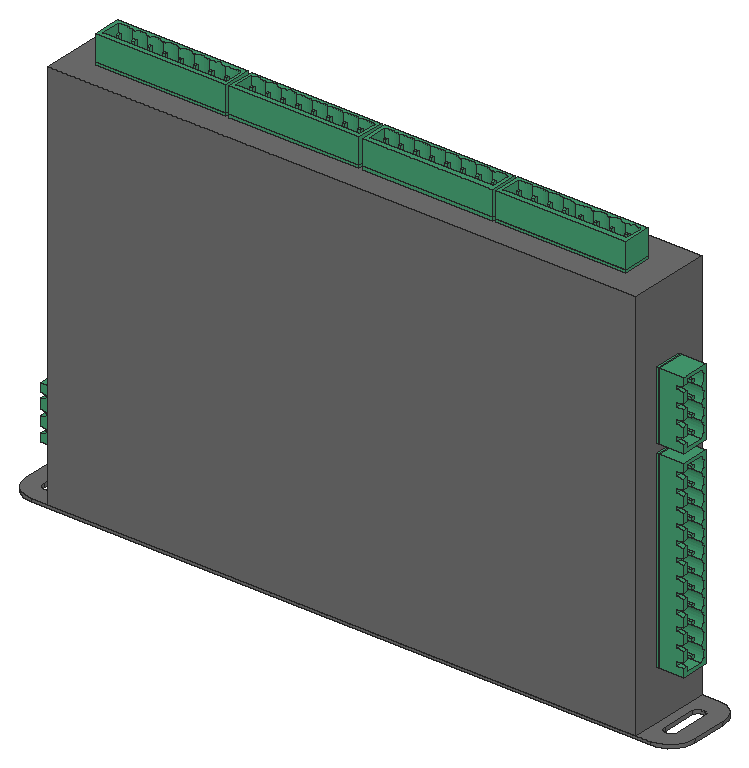
Revit family "Б411_RV17_LOD400 (05.11.23)", category Электрооборудование, Revit 2017 (continued)
Automatic sketch dimensions
  plane 1 "По центру (Вперед/Назад)" to Blend 122 sketch curve = 3.758 mm
  level to Blend 122 sketch curve = 51.213 mm
  Blend 122 sketch curve to Blend 122 sketch curve = 1.047 mm
  plane 1 "По центру (Вперед/Назад)" to Blend 123 sketch curve = 0.46 mm  (x2)
  level to Blend 123 sketch curve = 50.763 mm  (x2)
  Blend 124 sketch curve to plane 1 "По центру (Вперед/Назад)" = 0.001 mm
  level to Blend 124 sketch curve = 51.215 mm
  Blend 124 sketch curve to Blend 124 sketch curve = 0.926 mm
  Blend 124 sketch curve to Blend 124 sketch curve = 0.922 mm
  plane 1 "По центру (Вперед/Назад)" to Blend 124 sketch curve = 0.051 mm
  level to Blend 124 sketch curve = 51.145 mm
  Blend 124 sketch curve to Blend 124 sketch curve = 0.802 mm
  Blend 124 sketch curve to Blend 124 sketch curve = 0.786 mm
  plane 1 "По центру (Вперед/Назад)" to Blend 125 sketch curve = 5.348 mm
  level to Blend 125 sketch curve = 46.72 mm
  Blend 125 sketch curve to Blend 125 sketch curve = 1.996 mm
  Blend 125 sketch curve to Blend 125 sketch curve = 1.589 mm  (x2)
  plane 1 "По центру (Вперед/Назад)" to Blend 125 sketch curve = 3.758 mm
  level to Blend 125 sketch curve = 46.213 mm
  Blend 125 sketch curve to Blend 125 sketch curve = 1.047 mm
  plane 1 "По центру (Вперед/Назад)" to Blend 126 sketch curve = 0.46 mm  (x2)
  level to Blend 126 sketch curve = 45.763 mm  (x2)
  Blend 127 sketch curve to plane 1 "По центру (Вперед/Назад)" = 0.001 mm
  level to Blend 127 sketch curve = 46.215 mm
  Blend 127 sketch curve to Blend 127 sketch curve = 0.926 mm
  Blend 127 sketch curve to Blend 127 sketch curve = 0.922 mm
  plane 1 "По центру (Вперед/Назад)" to Blend 127 sketch curve = 0.051 mm
  level to Blend 127 sketch curve = 46.145 mm
  Blend 127 sketch curve to Blend 127 sketch curve = 0.802 mm
  Blend 127 sketch curve to Blend 127 sketch curve = 0.786 mm
  plane 1 "По центру (Вперед/Назад)" to Blend 128 sketch curve = 5.348 mm
  level to Blend 128 sketch curve = 41.72 mm
  Blend 128 sketch curve to Blend 128 sketch curve = 1.996 mm
  Blend 128 sketch curve to Blend 128 sketch curve = 1.589 mm  (x2)
  plane 1 "По центру (Вперед/Назад)" to Blend 128 sketch curve = 3.758 mm
  level to Blend 128 sketch curve = 41.213 mm
  Blend 128 sketch curve to Blend 128 sketch curve = 1.047 mm
  plane 1 "По центру (Вперед/Назад)" to Blend 129 sketch curve = 0.46 mm  (x2)
  level to Blend 129 sketch curve = 40.763 mm  (x2)
  Blend 130 sketch curve to plane 1 "По центру (Вперед/Назад)" = 0.001 mm
  level to Blend 130 sketch curve = 41.215 mm
  Blend 130 sketch curve to Blend 130 sketch curve = 0.926 mm
  Blend 130 sketch curve to Blend 130 sketch curve = 0.922 mm
  plane 1 "По центру (Вперед/Назад)" to Blend 130 sketch curve = 0.051 mm
  level to Blend 130 sketch curve = 41.145 mm
  Blend 130 sketch curve to Blend 130 sketch curve = 0.802 mm
  Blend 130 sketch curve to Blend 130 sketch curve = 0.786 mm
  level to Blend 131 sketch curve = 36.72 mm
  Blend 131 sketch curve to Blend 131 sketch curve = 1.996 mm
  plane 1 "По центру (Вперед/Назад)" to Blend 131 sketch curve = 5.348 mm
  Blend 131 sketch curve to Blend 131 sketch curve = 1.589 mm  (x2)
  plane 1 "По центру (Вперед/Назад)" to Blend 131 sketch curve = 3.758 mm
  level to Blend 131 sketch curve = 36.213 mm
  Blend 131 sketch curve to Blend 131 sketch curve = 1.047 mm
  plane 1 "По центру (Вперед/Назад)" to Blend 132 sketch curve = 0.46 mm  (x2)
  level to Blend 132 sketch curve = 35.763 mm  (x2)
  Blend 133 sketch curve to plane 1 "По центру (Вперед/Назад)" = 0.001 mm
  level to Blend 133 sketch curve = 36.215 mm
  Blend 133 sketch curve to Blend 133 sketch curve = 0.926 mm
  Blend 133 sketch curve to Blend 133 sketch curve = 0.922 mm
  plane 1 "По центру (Вперед/Назад)" to Blend 133 sketch curve = 0.051 mm
  level to Blend 133 sketch curve = 36.145 mm
  Blend 133 sketch curve to Blend 133 sketch curve = 0.802 mm
  Blend 133 sketch curve to Blend 133 sketch curve = 0.786 mm
  level to Blend 134 sketch curve = 31.72 mm
  Blend 134 sketch curve to Blend 134 sketch curve = 1.996 mm
  plane 1 "По центру (Вперед/Назад)" to Blend 134 sketch curve = 5.348 mm  (x2)
  Blend 134 sketch curve to Blend 134 sketch curve = 1.589 mm  (x2)
  level to Blend 134 sketch curve = 31.213 mm
  Blend 134 sketch curve to Blend 134 sketch curve = 1.047 mm
  plane 1 "По центру (Вперед/Назад)" to Blend 135 sketch curve = 0.46 mm  (x2)
  level to Blend 135 sketch curve = 30.763 mm  (x2)
  Blend 136 sketch curve to plane 1 "По центру (Вперед/Назад)" = 0.001 mm
  level to Blend 136 sketch curve = 31.215 mm
  Blend 136 sketch curve to Blend 136 sketch curve = 0.926 mm
  Blend 136 sketch curve to Blend 136 sketch curve = 0.922 mm
  plane 1 "По центру (Вперед/Назад)" to Blend 136 sketch curve = 0.051 mm
  level to Blend 136 sketch curve = 31.145 mm
  Blend 136 sketch curve to Blend 136 sketch curve = 0.802 mm
  Blend 136 sketch curve to Blend 136 sketch curve = 0.786 mm
  level to Blend 137 sketch curve = 26.72 mm
  Blend 137 sketch curve to Blend 137 sketch curve = 1.996 mm
  plane 1 "По центру (Вперед/Назад)" to Blend 137 sketch curve = 5.348 mm  (x2)
  Blend 137 sketch curve to Blend 137 sketch curve = 1.589 mm  (x2)
  level to Blend 137 sketch curve = 26.213 mm
  Blend 137 sketch curve to Blend 137 sketch curve = 1.047 mm
  level to Blend 138 sketch curve = 25.763 mm  (x2)
  plane 1 "По центру (Вперед/Назад)" to Blend 138 sketch curve = 0.46 mm  (x2)
  level to Blend 139 sketch curve = 26.215 mm
  Blend 139 sketch curve to Blend 139 sketch curve = 0.926 mm
  plane 1 "По центру (Вперед/Назад)" to Blend 139 sketch curve = 0.922 mm
  Blend 139 sketch curve to Blend 139 sketch curve = 0.922 mm
  level to Blend 139 sketch curve = 26.145 mm
  Blend 139 sketch curve to Blend 139 sketch curve = 0.802 mm
  plane 1 "По центру (Вперед/Назад)" to Blend 139 sketch curve = 0.837 mm
  Blend 139 sketch curve to Blend 139 sketch curve = 0.786 mm
  level to Blend 140 sketch curve = 21.72 mm
  Blend 140 sketch curve to Blend 140 sketch curve = 1.996 mm
  plane 1 "По центру (Вперед/Назад)" to Blend 140 sketch curve = 5.348 mm  (x2)
  Blend 140 sketch curve to Blend 140 sketch curve = 1.589 mm  (x2)
  level to Blend 140 sketch curve = 21.213 mm
  Blend 140 sketch curve to Blend 140 sketch curve = 1.047 mm
  level to Blend 141 sketch curve = 20.763 mm  (x2)
  plane 1 "По центру (Вперед/Назад)" to Blend 141 sketch curve = 0.46 mm  (x2)
  level to Blend 142 sketch curve = 21.215 mm
  Blend 142 sketch curve to Blend 142 sketch curve = 0.926 mm
  plane 1 "По центру (Вперед/Назад)" to Blend 142 sketch curve = 0.922 mm
  Blend 142 sketch curve to Blend 142 sketch curve = 0.922 mm
  level to Blend 142 sketch curve = 21.145 mm
  Blend 142 sketch curve to Blend 142 sketch curve = 0.802 mm
  plane 1 "По центру (Вперед/Назад)" to Blend 142 sketch curve = 0.837 mm
  Blend 142 sketch curve to Blend 142 sketch curve = 0.786 mm
  plane 1 "По центру (Вперед/Назад)" to Blend 143 sketch curve = 5.348 mm
  level to Blend 143 sketch curve = 91.72 mm
  Blend 143 sketch curve to Blend 143 sketch curve = 1.996 mm
  Blend 143 sketch curve to Blend 143 sketch curve = 1.589 mm  (x2)
  plane 1 "По центру (Вперед/Назад)" to Blend 143 sketch curve = 3.758 mm
  level to Blend 143 sketch curve = 91.213 mm
  Blend 143 sketch curve to Blend 143 sketch curve = 1.047 mm
  plane 1 "По центру (Вперед/Назад)" to Blend 144 sketch curve = 5.348 mm
  level to Blend 144 sketch curve = 96.72 mm
  Blend 144 sketch curve to Blend 144 sketch curve = 1.996 mm
  Blend 144 sketch curve to Blend 144 sketch curve = 1.589 mm  (x2)
  plane 1 "По центру (Вперед/Назад)" to Blend 144 sketch curve = 3.758 mm
  level to Blend 144 sketch curve = 96.213 mm
  Blend 144 sketch curve to Blend 144 sketch curve = 1.047 mm
  plane 1 "По центру (Вперед/Назад)" to Blend 145 sketch curve = 5.348 mm
  level to Blend 145 sketch curve = 101.72 mm
  Blend 145 sketch curve to Blend 145 sketch curve = 1.996 mm
  Blend 145 sketch curve to Blend 145 sketch curve = 1.589 mm  (x2)
  plane 1 "По центру (Вперед/Назад)" to Blend 145 sketch curve = 3.758 mm
  level to Blend 145 sketch curve = 101.213 mm
  Blend 145 sketch curve to Blend 145 sketch curve = 1.047 mm
  radius of Extrusion 9 sketch curve = 8.528 mm
  radius of Blend 10 sketch curve = 8.468 mm
  radius of Blend 10 sketch curve = 4.476 mm
  radius of Blend 16 sketch curve = 1.379 mm
  radius of Blend 16 sketch curve = 0.948 mm
  radius of Blend 17 sketch curve = 1.379 mm
  radius of Blend 17 sketch curve = 0.948 mm
  radius of Blend 18 sketch curve = 1.379 mm
  radius of Blend 18 sketch curve = 0.948 mm
  radius of Blend 24 sketch curve = 1.379 mm
  radius of Blend 24 sketch curve = 0.948 mm
  radius of Blend 25 sketch curve = 1.379 mm
  radius of Blend 25 sketch curve = 0.948 mm
  radius of Blend 26 sketch curve = 1.379 mm
  radius of Blend 26 sketch curve = 0.948 mm
  radius of Blend 30 sketch curve = 1.379 mm
  radius of Blend 30 sketch curve = 0.948 mm
  radius of Blend 32 sketch curve = 1.379 mm
  radius of Blend 32 sketch curve = 0.948 mm
  radius of Blend 33 sketch curve = 1.379 mm
  radius of Blend 33 sketch curve = 0.948 mm
  radius of Blend 34 sketch curve = 1.379 mm
  radius of Blend 34 sketch curve = 0.948 mm
  radius of Blend 38 sketch curve = 1.379 mm
  radius of Blend 38 sketch curve = 0.948 mm
  radius of Blend 42 sketch curve = 1.379 mm
  radius of Blend 42 sketch curve = 0.948 mm
  radius of Blend 43 sketch curve = 1.379 mm
  radius of Blend 43 sketch curve = 0.948 mm
  radius of Blend 44 sketch curve = 1.379 mm
  radius of Blend 44 sketch curve = 0.948 mm
  radius of Blend 48 sketch curve = 1.379 mm
  radius of Blend 48 sketch curve = 0.948 mm
  radius of Blend 50 sketch curve = 1.379 mm
  radius of Blend 50 sketch curve = 0.948 mm
  radius of Blend 51 sketch curve = 1.379 mm
  radius of Blend 51 sketch curve = 0.948 mm
  radius of Blend 52 sketch curve = 1.379 mm
  radius of Blend 52 sketch curve = 0.948 mm
  radius of Blend 56 sketch curve = 1.379 mm
  radius of Blend 56 sketch curve = 0.948 mm
  radius of Blend 60 sketch curve = 1.379 mm
  radius of Blend 60 sketch curve = 0.948 mm
  radius of Blend 61 sketch curve = 1.379 mm
  radius of Blend 61 sketch curve = 0.948 mm
  radius of Blend 62 sketch curve = 1.379 mm
  radius of Blend 62 sketch curve = 0.948 mm
  radius of Blend 66 sketch curve = 1.379 mm
  radius of Blend 66 sketch curve = 0.948 mm
  radius of Blend 68 sketch curve = 1.379 mm
  radius of Blend 68 sketch curve = 0.948 mm
  radius of Blend 69 sketch curve = 1.379 mm
  radius of Blend 69 sketch curve = 0.948 mm
  radius of Blend 70 sketch curve = 1.379 mm
  radius of Blend 70 sketch curve = 0.948 mm
  radius of Blend 74 sketch curve = 1.379 mm
  radius of Blend 74 sketch curve = 0.948 mm
  radius of Blend 78 sketch curve = 1.379 mm
  radius of Blend 78 sketch curve = 0.948 mm
  radius of Blend 79 sketch curve = 1.379 mm
  radius of Blend 79 sketch curve = 0.948 mm
  radius of Blend 80 sketch curve = 1.379 mm
  radius of Blend 80 sketch curve = 0.948 mm
  radius of Blend 84 sketch curve = 1.379 mm
  radius of Blend 84 sketch curve = 0.948 mm
  radius of Blend 86 sketch curve = 1.379 mm
  radius of Blend 86 sketch curve = 0.948 mm
  radius of Blend 87 sketch curve = 1.379 mm
  radius of Blend 87 sketch curve = 0.948 mm
  radius of Blend 88 sketch curve = 1.379 mm
  radius of Blend 88 sketch curve = 0.948 mm
  radius of Blend 92 sketch curve = 1.379 mm
  radius of Blend 92 sketch curve = 0.948 mm
  radius of Blend 96 sketch curve = 1.379 mm
  radius of Blend 96 sketch curve = 0.948 mm
  radius of Blend 97 sketch curve = 1.379 mm
  radius of Blend 97 sketch curve = 0.948 mm
  radius of Blend 98 sketch curve = 1.379 mm
  radius of Blend 98 sketch curve = 0.948 mm
  radius of Blend 103 sketch curve = 1.379 mm
  radius of Blend 103 sketch curve = 0.948 mm
  radius of Blend 110 sketch curve = 1.379 mm
  radius of Blend 110 sketch curve = 0.948 mm
  radius of Blend 111 sketch curve = 1.379 mm
  radius of Blend 111 sketch curve = 0.948 mm
  radius of Blend 112 sketch curve = 1.379 mm
  radius of Blend 112 sketch curve = 0.948 mm
  radius of Blend 117 sketch curve = 1.379 mm
  radius of Blend 117 sketch curve = 0.948 mm
  radius of Blend 120 sketch curve = 1.379 mm
  radius of Blend 120 sketch curve = 0.948 mm
  radius of Blend 123 sketch curve = 1.379 mm
  radius of Blend 123 sketch curve = 0.948 mm
  radius of Blend 126 sketch curve = 1.379 mm
  radius of Blend 126 sketch curve = 0.948 mm
  radius of Blend 129 sketch curve = 1.379 mm
  radius of Blend 129 sketch curve = 0.948 mm
  radius of Blend 132 sketch curve = 1.379 mm
  radius of Blend 132 sketch curve = 0.948 mm
  radius of Blend 135 sketch curve = 1.379 mm
  radius of Blend 135 sketch curve = 0.948 mm
  radius of Blend 138 sketch curve = 1.379 mm
  radius of Blend 138 sketch curve = 0.948 mm
  radius of Blend 141 sketch curve = 1.379 mm
  radius of Blend 141 sketch curve = 0.948 mm
Connectors
  electrical at (-95, 0.586, 62)
    settings: on cut or joined group of Extrusion 1, Extrusion 5, Extrusion 6, Extrusion 7, Extrusion 8, index 1, voltage 0 V, apparent load 0 VA, apparent load phase1 0 VA, apparent load phase2 0 VA, apparent load phase3 0 VA, power factor 1, load classification "Прочее", number of poles 1, system type 14, power factor state 1, is connector primary yes, connector utility no, sub classification motor no, connector description ""
  electrical at (-95, 0.586, 43)
    settings: on cut or joined group of Extrusion 1, Extrusion 5, Extrusion 6, Extrusion 7, Extrusion 8, index 2, voltage 0 V, apparent load 0 VA, apparent load phase1 0 VA, apparent load phase2 0 VA, apparent load phase3 0 VA, power factor 1, load classification "Прочее", number of poles 1, system type 14, power factor state 1, is connector primary no, connector utility no, sub classification motor no, connector description ""
  electrical at (-85, -3.58, 85.751)
    settings: on cut or joined group of Extrusion 1, Extrusion 5, Extrusion 6, Extrusion 7, Extrusion 8, index 3, voltage 0 V, apparent load 0 VA, apparent load phase1 0 VA, apparent load phase2 0 VA, apparent load phase3 0 VA, power factor 1, load classification "Прочее", number of poles 1, system type 14, power factor state 1, is connector primary no, connector utility no, sub classification motor no, connector description ""
  cabletrayconduit at (-85, -3.58, 85.751), diameter 20, driven by "d_короба"
    settings: on cut or joined group of Extrusion 1, Extrusion 5, Extrusion 6, Extrusion 7, Extrusion 8, index 4, connector width 300 mm, connector height 300 mm, connector angle 0.00°, system type 32, placement type 0, profile type 0, connector reference index -1, is primary connector yes, connector utility param no, connector description ""
  cabletrayconduit at (-88, 0.586, 62), diameter 20, driven by "d_короба"
    settings: on cut or joined group of Extrusion 1, Extrusion 5, Extrusion 6, Extrusion 7, Extrusion 8, index 5, connector width 300 mm, connector height 300 mm, connector angle 0.00°, system type 32, placement type 0, profile type 0, connector reference index -1, is primary connector no, connector utility param no, connector description ""
  cabletrayconduit at (-88, 0.586, 43), diameter 20, driven by "d_короба"
    settings: on cut or joined group of Extrusion 1, Extrusion 5, Extrusion 6, Extrusion 7, Extrusion 8, index 6, connector width 300 mm, connector height 300 mm, connector angle 0.00°, system type 32, placement type 0, profile type 0, connector reference index -1, is primary connector no, connector utility param no, connector description ""
